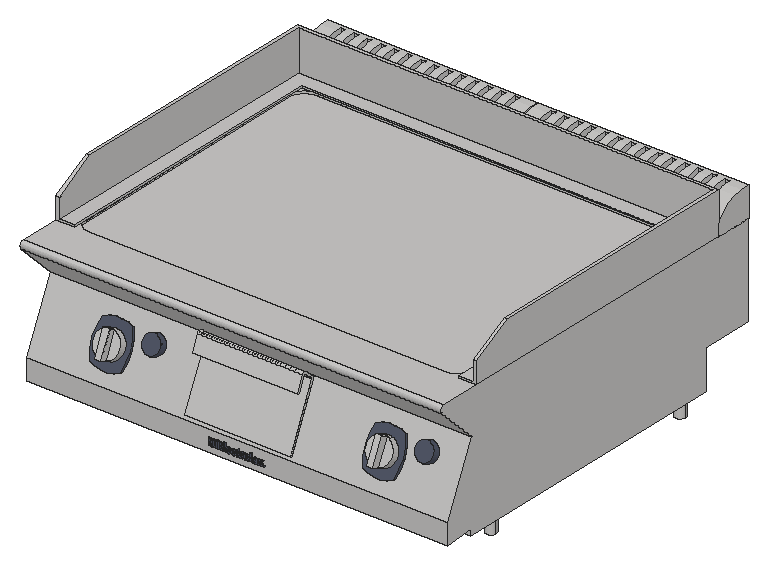
Revit family "QF_ELECTROLUXPROFESSIONAL_371409_E7IIDTAOMEI", category Attrezzature speciali, Revit 2018
Family settings
  Quota connettore circolare = Usa diametro
  Tipo di parte = Normale
  Basato su piano di lavoro = No
  Sempre verticale = Sì
  Taglio con vuoti quando caricato = No
  Condiviso = No
  Punto di calcolo locali = No
Parameters (values of type "Standard")
  Weight = 70.00 kg
  Watts = 0 W
  Volts = 0 V
  URL Manufacturer = "https://www.electroluxprofessional.com/"
  URL = "https://www.electroluxprofessional.com/"
  Steam Supply Size = 0"
  Steam Supply Minimum Pressure = 0.00 psi
  Steam Supply Maximum Pressure = 0.00 psi
  Steam Consumption per Hour = 0
  Show Logo [instance] = yes
  Show Clearance [instance] = yes
  Refrigeration Suction Line Size = 0 mm
  Refrigeration Liquid Line Size = 0 mm
  Refrigerant Compressor Remote = yes
  Phase = 0
  Modello = "E7IIDTAOMEI"
  Produttore = "Electrolux Professional"
  Length Actual = 800 mm  # constant formula
  Item Number = "371409"
  Hot Water Size = 0"
  Height Actual = 250 mm  # constant formula
  HP = "0 HP"
  Gas Size = 1/2"
  Gas KW = 14
  Gas Input Pressure = 0.469158 Btu/h
  Direct Waste Size = 0"
  Descrizione = "GAS FRY TOP-SMOOTH POLISHED CHROME PLATE 800MM - QMARK"
  Depth Actual = 730 mm  # constant formula
  Cycle = 0 Hz
  Condensate Return Size = 0"
  Compressed Air Volume = 0 GPM
  Compressed Air Size = 0"
  Compressed Air Pressure = 0.00 psi
  Cold Water Size = 0"
  Base Height [instance] = 23.813 mm  # constant formula
  Assembly Code = ""
  Accessory = yes
Values of the unnamed type that differ from the named types
  Weight = 0.00 kg
  URL Manufacturer = ""
  Item Number = ""
  HP = ""
  Gas KW = 0
  Gas Input Pressure = 0.0 Btu/h
Reference planes
  plane 1 "BACK": y = 0
  plane 2: z = 0
  plane 3 "LEFT": x = 0
  plane 4 "RIGHT": x = 800.1
  plane 5 "FRONT": y = -730.25
  plane 6 "TOP": z = 288.925
  plane 7 "Center Y": x = 400.05
  plane 8 "Center X": y = -365.125
  plane 9 "BASE": z = 23.813
  plane 10 "TOP A": z = 274.638
  plane 11: y = -597.884
  plane 12: y = -147.637
  plane 13: z = 355
Forms (mm)
  Extrusion 1, solid, material "QF_Finishes_Stainless Steel"
    sketch origin (0, 0, 0) x (0, 1, 0) y (0, 0, 1)
      loop
        line (0, 274.638) -> (-722.901, 274.638)
        arc (-722.901, 274.638) -> (-729.677, 270.11) -> (-728.087, 262.117) r 7.334
        line (-728.087, 262.117) -> (-657.416, 191.447) -> (-713.772, 69.003) -> (-713.772, 30.903) -> (-660.4, 36.513) -> (-660.4, 23.812) -> (-101.6, 23.812) -> (-101.6, 98.425) -> (0, 98.425) -> (0, 274.638)
    from 0 to 800.1
  Extrusion 2, void
    sketch origin (0, -2.381, 274.638) x (-1, 0, 0) y (0, -1, 0)
      loop
        arc (-60.425, 102.504) -> (-42.464, 109.943) -> (-35.025, 127.904) r 25.4
        line (-35.025, 127.904) -> (-35.025, 617.104)
        arc (-35.025, 617.104) -> (-42.464, 635.064) -> (-60.425, 642.504) r 25.4
        line (-60.425, 642.504) -> (-739.675, 642.504)
        arc (-739.675, 642.504) -> (-757.636, 635.064) -> (-765.075, 617.104) r 25.4
        line (-765.075, 617.104) -> (-765.075, 127.904)
        arc (-765.075, 127.904) -> (-757.636, 109.943) -> (-739.675, 102.504) r 25.4
        line (-739.675, 102.504) -> (-60.425, 102.504)
    from 0 to -3.2
  Extrusion 3, solid, material "QF_Finishes_Stainless Steel"
    sketch origin (0, 0, 0) x (1, 0, 0) y (0, 1, 0)
      loop
        circle (11.112, -147.638) r 9.525
      loop
        circle (11.112, -597.884) r 9.525
      loop
        circle (788.987, -147.638) r 9.525
      loop
        circle (788.987, -597.884) r 9.525
    from 0 to 23.813
  Extrusion 4, solid, material "QF_Finishes_Stainless Steel"
    sketch origin (0, -101.6, 101.6) x (0, 0, -1) y (-1, 0, 0)
      loop
        circle (43.882, -749.3) r 6.35
    from 0 to 3.175
  Extrusion 5, solid, material "QF_Finishes_Clearance", visible <- "Show Clearance", detail levels coarse
    sketch origin (0, 0, 0) x (1, 0, 0) y (0, 1, 0)
      loop
        line (0, -730.25) -> (0, 0) -> (800.1, 0) -> (800.1, -730.25) -> (950.119, -730.25) -> (950.119, 150.019) -> (-150.019, 150.019) -> (-150.019, -730.25) -> (0, -730.25)
    from 0 to 355
  Sweep 6, solid, material "QF_Finishes_Stainless Steel"
    path origin (0, -2.381, 274.638) x (-1, 0, 0) y (0, -1, 0)
      loop
        line (-765.075, 642.504) -> (-765.075, 102.504) -> (-35.025, 102.504) -> (-35.025, 642.504)
    profile origin (35.025, -374.885, 274.638) x (1, 0, 0) y (0, 0, 1)
      loop
        line (-35.025, 0) -> (0, 0) -> (0, 3.175) -> (-28.675, 3.175) -> (-28.675, 80.363) -> (-35.025, 80.362) -> (-35.025, 0)
  Extrusion 7, void
    sketch origin (0, -69.86, 274.638) x (0, 1, 0) y (0, 0, 1)
      loop
        line (-575.025, 40.481) -> (-501.995, 80.363) -> (-575.025, 80.363) -> (-575.025, 40.481)
    from 0 to 6.35
  Extrusion 8, void
    sketch origin (800.1, -644.885, 274.638) x (0, -1, 0) y (0, 0, 1)
      loop
        line (0, 40.481) -> (0, 80.362) -> (-73.03, 80.362) -> (0, 40.481)
    from 0 to 6.35
  Extrusion 9, solid, material "QF_Finishes_Stainless Steel"
    sketch origin (400.05, 175.397, 1219.2) x (0, 1, 0) y (0, 0, 1)
      loop
        line (-834.228, -1030.828) -> (-850.635, -1014.422)
        arc (-850.635, -1014.422) -> (-855.102, -1013.019) -> (-858.806, -1015.884) r 5.058
        line (-858.806, -1015.884) -> (-871.468, -1043.394) -> (-868.584, -1044.721) -> (-855.922, -1017.211)
        arc (-855.922, -1017.211) -> (-854.543, -1016.145) -> (-852.88, -1016.667) r 1.883
        line (-852.88, -1016.667) -> (-838.037, -1031.51) -> (-888.871, -1141.955) -> (-885.987, -1143.282) -> (-834.228, -1030.828)
    from 100 to -100
  Extrusion 10, solid, material "QF_Finishes_Drawer Clearance", visible <- "Show Clearance", detail levels coarse
    sketch origin (293.7, -101.6, 0) x (0, 1, 0) y (0, 0, 1)
      loop
        line (-660.751, 174.479) -> (-648.089, 201.989)
        arc (-648.089, 201.989) -> (-646.71, 203.055) -> (-645.046, 202.533) r 1.883
        line (-645.046, 202.533) -> (-630.204, 187.69) -> (-681.037, 77.245) -> (-678.153, 75.918) -> (-608.989, 75.918) -> (-557.231, 188.372) -> (-573.638, 204.778)
        arc (-573.638, 204.778) -> (-574.873, 205.685) -> (-576.323, 206.181) r 5.058
        line (-576.323, 206.181) -> (-647.269, 206.181)
        arc (-647.269, 206.181) -> (-649.472, 205.203) -> (-650.973, 203.316) r 5.058
        line (-650.973, 203.316) -> (-663.635, 175.806) -> (-660.751, 174.479)
    from 6.35 to 206.35
  Extrusion 11, solid, material "QF_Finishes_Navy Blue"
    sketch origin (-399.27, -713.772, 69.003) x (0, 0.418102, 0.9084) y (-1, 0, 0)
      loop
        arc (102.623, -510.47) -> (67.041, -502.846) -> (31.333, -509.853) r 90.5
        arc (31.333, -509.853) -> (24.507, -539.04) -> (31.333, -568.228) r 65.817
        arc (31.333, -568.228) -> (67.04, -575.188) -> (102.623, -567.615) r 91.066
        arc (102.623, -567.615) -> (109.179, -539.043) -> (102.623, -510.47) r 65.546
    from 0 to 3.175
  Extrusion 12, solid, material "QF_Finishes_Stainless Steel"
    sketch origin (-20.52, -717.485, 68.529) x (0, 0.418102, 0.9084) y (-1, 0, 0)
      loop
        circle (68.826, -160.963) r 25.4
    from 0 to 12.7
  Extrusion 13, solid, material "QF_Finishes_Stainless Steel"
    sketch origin (-20.52, -729.022, 73.839) x (0, 0.418102, 0.9084) y (-1, 0, 0)
      loop
        arc (93.558, -166.749) -> (94.226, -160.963) -> (93.558, -155.177) r 25.4
        line (93.558, -155.177) -> (44.094, -155.177)
        arc (44.094, -155.177) -> (43.426, -160.963) -> (44.094, -166.749) r 25.4
        line (44.094, -166.749) -> (93.558, -166.749)
    from 0 to 12.7
  Extrusion 14, solid, material "QF_Finishes_Navy Blue"
    sketch origin (97.744, -713.772, 69.003) x (0, 0.418102, 0.9084) y (-1, 0, 0)
      loop
        arc (102.623, -532.67) -> (67.041, -525.046) -> (31.333, -532.053) r 90.5
        arc (31.333, -532.053) -> (24.507, -561.24) -> (31.333, -590.428) r 65.817
        arc (31.333, -590.428) -> (67.04, -597.388) -> (102.623, -589.815) r 91.066
        arc (102.623, -589.815) -> (109.179, -561.243) -> (102.623, -532.67) r 65.546
    from 0 to 3.175
  Extrusion 15, solid, material "QF_Finishes_Stainless Steel"
    sketch origin (497.744, -717.485, 68.529) x (0, 0.418102, 0.9084) y (-1, 0, 0)
      loop
        circle (68.826, -160.963) r 25.4
    from 0 to 12.7
  Extrusion 16, solid, material "QF_Finishes_Stainless Steel"
    sketch origin (497.744, -729.022, 73.839) x (0, 0.418102, 0.9084) y (-1, 0, 0)
      loop
        arc (93.558, -166.749) -> (94.226, -160.963) -> (93.558, -155.177) r 25.4
        line (93.558, -155.177) -> (44.094, -155.177)
        arc (44.094, -155.177) -> (43.426, -160.963) -> (44.094, -166.749) r 25.4
        line (44.094, -166.749) -> (93.558, -166.749)
    from 0 to 12.7
  Extrusion 17, solid, material "QF_Finishes_Navy Blue"
    sketch origin (-100, -703.319, 91.713) x (0, 0.418102, 0.9084) y (-1, 0, 0)
      loop
        circle (65.471, -315.169) r 17.78
    from 0 to 12.7
  Extrusion 18, solid, material "QF_Finishes_Navy Blue"
    sketch origin (397.014, -703.319, 91.713) x (0, 0.418102, 0.9084) y (-1, 0, 0)
      loop
        circle (65.471, -337.369) r 17.78
    from 0 to 12.7
  Extrusion 19, solid, material "QF_Finishes_Navy Blue", visible <- "Show Logo"
    sketch origin (58.349, -713.772, 35.665) x (0, 0, 1) y (-1, 0, 0)
      loop
        line (20.674, -296.698) -> (8.307, -296.698)
        arc (8.307, -296.698) -> (14.491, -301.27) -> (20.674, -296.698) r 6.467
      loop
        arc (20.674, -296.069) -> (19.505, -290.926) -> (14.849, -288.448) r 6.338
        line (14.849, -288.448) -> (14.849, -290.494)
        arc (14.849, -290.494) -> (16.333, -294.149) -> (19.778, -296.069) r 5.941
        line (19.778, -296.069) -> (20.674, -296.069)
      loop
        arc (9.203, -296.069) -> (12.648, -294.149) -> (14.132, -290.494) r 5.941
        line (14.132, -290.494) -> (14.132, -288.448)
        arc (14.132, -288.448) -> (9.438, -290.922) -> (8.148, -296.069) r 6.504
        line (8.148, -296.069) -> (9.203, -296.069)
      loop
        line (21.349, -287.979) -> (7.604, -287.979) -> (7.604, -301.742) -> (21.349, -301.742) -> (21.349, -287.979)
      loop
        arc (21.432, -304.71) -> (21.085, -304.352) -> (20.718, -304.69) r 0.358
        arc (20.718, -304.69) -> (20.404, -305.44) -> (19.687, -305.825) r 1.216
        line (19.687, -305.825) -> (9.274, -305.825)
        arc (9.274, -305.825) -> (8.614, -305.548) -> (8.218, -304.951) r 1.238
        arc (8.218, -304.951) -> (7.823, -304.7) -> (7.518, -305.054) r 0.358
        line (7.518, -305.054) -> (7.518, -314.933) -> (10.269, -314.933) -> (10.269, -314.036)
        arc (10.269, -314.036) -> (9.36, -313.456) -> (8.904, -312.479) r 1.928
        line (8.904, -312.479) -> (8.904, -309.98)
        arc (8.904, -309.98) -> (9.18, -309.251) -> (9.868, -308.887) r 1.101
        line (9.868, -308.887) -> (13.955, -308.887) -> (13.955, -312.561)
        arc (13.955, -312.561) -> (13.602, -313.058) -> (13.037, -313.286) r 1.083
        arc (13.037, -313.286) -> (12.773, -313.591) -> (13.065, -313.869) r 0.292
        line (13.065, -313.869) -> (16.028, -313.869)
        arc (16.028, -313.869) -> (16.33, -313.596) -> (16.092, -313.266) r 0.305
        arc (16.092, -313.266) -> (15.601, -313.018) -> (15.296, -312.561) r 1.083
        line (15.296, -312.561) -> (15.296, -308.887) -> (19.973, -308.887) -> (19.973, -312.635)
        arc (19.973, -312.635) -> (19.759, -313.39) -> (19.153, -313.888) r 1.314
        arc (19.153, -313.888) -> (18.934, -314.292) -> (19.288, -314.585) r 0.361
        line (19.288, -314.585) -> (21.432, -314.585) -> (21.432, -304.71)
      loop
        arc (20.715, -315.365) -> (20.335, -316.284) -> (19.416, -316.664) r 1.299
        line (19.416, -316.664) -> (9.837, -316.664)
        arc (9.837, -316.664) -> (8.999, -316.286) -> (8.728, -315.408) r 1.118
        line (8.728, -315.408) -> (7.518, -315.408) -> (7.518, -320.758) -> (8.706, -320.758)
        arc (8.706, -320.758) -> (8.978, -319.841) -> (9.848, -319.445) r 1.153
        line (9.848, -319.445) -> (21.92, -319.445) -> (20.715, -315.365)
      loop
        line (12.483, -323.394) -> (12.483, -329.842) -> (13.282, -329.842)
        arc (13.282, -329.842) -> (15.862, -328.857) -> (17.131, -326.404) r 3.874
        line (17.131, -326.404) -> (17.131, -324.643)
        arc (17.131, -324.643) -> (15.944, -321.778) -> (13.08, -320.592) r 4.051
        line (13.08, -320.592) -> (11.072, -320.592)
        arc (11.072, -320.592) -> (8.253, -322.077) -> (7.202, -325.084) r 4.352
        arc (7.202, -325.084) -> (7.566, -327.547) -> (8.943, -329.621) r 5.713
        line (8.943, -329.621) -> (9.892, -329.621)
        arc (9.892, -329.621) -> (9.16, -328.052) -> (8.943, -326.334) r 5.579
        arc (8.943, -326.334) -> (9.737, -324.371) -> (11.616, -323.394) r 3.057
        line (11.616, -323.394) -> (12.483, -323.394)
      loop
        line (13.742, -323.394) -> (13.742, -326.977)
        arc (13.742, -326.977) -> (15.199, -327.024) -> (16.082, -325.864) r 1.59
        line (16.082, -325.864) -> (16.082, -325.034)
        arc (16.082, -325.034) -> (15.217, -323.779) -> (13.742, -323.394) r 2.184
      loop
        arc (16.533, -339.259) -> (17.022, -337.585) -> (17.179, -335.848) r 9.023
        line (17.179, -335.848) -> (17.179, -334.486)
        arc (17.179, -334.486) -> (16.02, -331.686) -> (13.22, -330.527) r 3.959
        line (13.22, -330.527) -> (10.62, -330.527)
        arc (10.62, -330.527) -> (8.338, -331.819) -> (7.221, -334.192) r 4.331
        line (7.221, -334.192) -> (7.221, -336.327)
        arc (7.221, -336.327) -> (7.729, -337.877) -> (8.651, -339.223) r 5.772
        arc (8.651, -339.223) -> (9.412, -339.274) -> (9.499, -338.515) r 0.553
        arc (9.499, -338.515) -> (9.111, -337.781) -> (8.977, -336.962) r 2.573
        line (8.977, -336.962) -> (8.977, -335.447)
        arc (8.977, -335.447) -> (9.983, -333.806) -> (11.798, -333.163) r 2.884
        line (11.798, -333.163) -> (13.077, -333.163)
        arc (13.077, -333.163) -> (14.898, -333.723) -> (15.824, -335.388) r 2.554
        line (15.824, -335.388) -> (15.824, -336.441)
        arc (15.824, -336.441) -> (15.493, -337.369) -> (14.836, -338.104) r 2.564
        arc (14.836, -338.104) -> (14.614, -338.821) -> (15.223, -339.259) r 0.643
        line (15.223, -339.259) -> (16.533, -339.259)
      loop
        line (15.515, -339.53) -> (15.515, -341.031) -> (9.467, -341.031)
        arc (9.467, -341.031) -> (7.879, -341.688) -> (7.221, -343.276) r 2.246
        line (7.221, -343.276) -> (7.221, -344.86)
        arc (7.221, -344.86) -> (7.535, -345.725) -> (8.035, -346.496) r 4.06
        arc (8.035, -346.496) -> (8.768, -346.629) -> (9.019, -345.928) r 0.576
        arc (9.019, -345.928) -> (8.913, -345.403) -> (8.977, -344.87) r 1.69
        arc (8.977, -344.87) -> (9.519, -344.082) -> (10.425, -343.779) r 1.506
        line (10.425, -343.779) -> (15.563, -343.779) -> (15.563, -346.176) -> (16.119, -346.733) -> (16.941, -346.733) -> (16.941, -343.873) -> (20.172, -343.873) -> (15.515, -339.53)
      loop
        line (7.438, -347.63) -> (7.438, -353.017) -> (8.548, -353.017)
        arc (8.548, -353.017) -> (8.942, -352.066) -> (9.893, -351.672) r 1.345
        line (9.893, -351.672) -> (13.509, -351.672)
        arc (13.509, -351.672) -> (14.274, -352.264) -> (14.564, -353.186) r 1.615
        line (14.564, -353.186) -> (14.564, -354.742) -> (17.119, -355.427) -> (17.119, -354.044) -> (15.177, -351.485) -> (17.057, -351.485) -> (16.773, -348.779)
        arc (16.773, -348.779) -> (16.333, -348.249) -> (15.674, -348.45) r 0.621
        arc (15.674, -348.45) -> (15.274, -348.792) -> (14.78, -348.975) r 1.501
        line (14.78, -348.975) -> (9.893, -348.975)
        arc (9.893, -348.975) -> (8.942, -348.581) -> (8.548, -347.63) r 1.345
        line (8.548, -347.63) -> (7.438, -347.63)
      loop
        line (13.54, -354.964) -> (10.848, -354.964)
        arc (10.848, -354.964) -> (8.403, -356.272) -> (7.269, -358.803) r 4.288
        arc (7.269, -358.803) -> (7.205, -360.183) -> (7.269, -361.563) r 15.022
        arc (7.269, -361.563) -> (8.403, -364.094) -> (10.848, -365.401) r 4.288
        line (10.848, -365.401) -> (13.54, -365.401)
        arc (13.54, -365.401) -> (15.986, -364.094) -> (17.119, -361.563) r 4.288
        arc (17.119, -361.563) -> (17.183, -360.183) -> (17.119, -358.803) r 15.022
        arc (17.119, -358.803) -> (15.986, -356.272) -> (13.54, -354.964) r 4.288
      loop
        line (13.745, -358.078) -> (10.643, -358.078)
        arc (10.643, -358.078) -> (8.486, -360.235) -> (10.643, -362.392) r 2.157
        line (10.643, -362.392) -> (13.745, -362.392)
        arc (13.745, -362.392) -> (15.902, -360.235) -> (13.745, -358.078) r 2.157
      loop
        arc (20.726, -365.26) -> (20.355, -366.154) -> (19.461, -366.524) r 1.264
        line (19.461, -366.524) -> (9.597, -366.524)
        arc (9.597, -366.524) -> (8.727, -366.127) -> (8.455, -365.211) r 1.153
        line (8.455, -365.211) -> (7.518, -365.211) -> (7.518, -370.319) -> (8.446, -370.319)
        arc (8.446, -370.319) -> (8.805, -369.547) -> (9.597, -369.232) r 1.153
        line (9.597, -369.232) -> (21.92, -369.232) -> (20.726, -365.26)
      loop
        arc (15.846, -369.857) -> (15.647, -370.921) -> (14.678, -371.403) r 1.215
        line (14.678, -371.403) -> (9.658, -371.403)
        arc (9.658, -371.403) -> (8.043, -372.051) -> (7.322, -373.634) r 2.338
        line (7.322, -373.634) -> (7.322, -375.148)
        arc (7.322, -375.148) -> (7.497, -376.152) -> (7.999, -377.038) r 2.979
        line (7.999, -377.038) -> (7.518, -378.835) -> (7.518, -380.524) -> (16.943, -380.524) -> (16.649, -376.32) -> (15.863, -376.32)
        arc (15.863, -376.32) -> (15.507, -377.156) -> (14.755, -377.665) r 1.605
        line (14.755, -377.665) -> (9.652, -377.665)
        arc (9.652, -377.665) -> (9.232, -376.728) -> (9.159, -375.704) r 2.94
        arc (9.159, -375.704) -> (9.72, -374.603) -> (10.873, -374.16) r 1.724
        line (10.873, -374.16) -> (17.07, -374.16) -> (15.846, -369.857)
      loop
        line (16.874, -381.377) -> (15.202, -383.423) -> (12.028, -385.729) -> (8.572, -382.617)
        arc (8.572, -382.617) -> (8.335, -382.223) -> (8.357, -381.764) r 0.789
        line (8.357, -381.764) -> (7.518, -381.764) -> (7.518, -385.309) -> (8.344, -385.309)
        arc (8.344, -385.309) -> (8.686, -384.947) -> (9.176, -385.039) r 0.52
        line (9.176, -385.039) -> (10.976, -386.51) -> (8.858, -387.886)
        arc (8.858, -387.886) -> (8.457, -387.576) -> (8.37, -387.076) r 0.7
        line (8.37, -387.076) -> (7.518, -387.076) -> (7.518, -393.003) -> (8.405, -393.003)
        arc (8.405, -393.003) -> (8.472, -392.344) -> (8.866, -391.813) r 1.247
        line (8.866, -391.813) -> (13.066, -388.532) -> (15.513, -390.585) -> (16.874, -392.327) -> (16.874, -388.604) -> (15.389, -389.026) -> (13.868, -387.749) -> (15.568, -386.559) -> (16.874, -387.336) -> (16.874, -381.377)
    from 0 to 1.644
  Extrusion 20, solid, material "QF_Finishes_Stainless Steel"
    sketch origin (0, 0, 0) x (0, 1, 0) y (0, 0, 1)
      loop
        line (0, 274.638) -> (0, 331.738)
        arc (0, 331.738) -> (-38.857, 324.552) -> (-69.85, 300.038) r 82.056
        line (-69.85, 300.038) -> (-69.85, 274.638) -> (0, 274.638)
    from 0 to 400.05
  Extrusion 21, void
    sketch origin (0, 0, 274.638) x (0, -1, 0) y (1, 0, 0)
      loop
        line (6.761, 29.703) -> (63.911, 29.703) -> (63.911, 38.999) -> (6.761, 38.999) -> (6.761, 29.703)
      loop
        line (63.911, 64.487) -> (6.761, 64.487) -> (6.761, 55.191) -> (63.911, 55.191) -> (63.911, 64.487)
      loop
        line (63.911, 89.975) -> (6.761, 89.975) -> (6.761, 80.68) -> (63.911, 80.68) -> (63.911, 89.975)
      loop
        line (63.911, 115.464) -> (6.761, 115.464) -> (6.761, 106.168) -> (63.911, 106.168) -> (63.911, 115.464)
      loop
        line (63.911, 140.952) -> (6.761, 140.952) -> (6.761, 131.656) -> (63.911, 131.656) -> (63.911, 140.952)
      loop
        line (63.911, 166.44) -> (6.761, 166.44) -> (6.761, 157.145) -> (63.911, 157.145) -> (63.911, 166.44)
      loop
        line (63.911, 191.929) -> (6.761, 191.929) -> (6.761, 182.633) -> (63.911, 182.633) -> (63.911, 191.929)
      loop
        line (63.911, 217.417) -> (6.761, 217.417) -> (6.761, 208.121) -> (63.911, 208.121) -> (63.911, 217.417)
      loop
        line (63.911, 242.905) -> (6.761, 242.905) -> (6.761, 233.61) -> (63.911, 233.61) -> (63.911, 242.905)
      loop
        line (63.911, 268.394) -> (6.761, 268.394) -> (6.761, 259.098) -> (63.911, 259.098) -> (63.911, 268.394)
      loop
        line (63.911, 293.882) -> (6.761, 293.882) -> (6.761, 284.586) -> (63.911, 284.586) -> (63.911, 293.882)
      loop
        line (63.911, 319.37) -> (6.761, 319.37) -> (6.761, 310.075) -> (63.911, 310.075) -> (63.911, 319.37)
      loop
        line (63.911, 344.859) -> (6.761, 344.859) -> (6.761, 335.563) -> (63.911, 335.563) -> (63.911, 344.859)
      loop
        line (63.911, 370.347) -> (6.761, 370.347) -> (6.761, 361.051) -> (63.911, 361.051) -> (63.911, 370.347)
    from 25.4 to 63.5
  Extrusion 22, solid, material "QF_Finishes_Stainless Steel"
    sketch origin (400.05, 0, 0) x (0, 1, 0) y (0, 0, 1)
      loop
        line (0, 274.638) -> (0, 331.738)
        arc (0, 331.738) -> (-38.857, 324.552) -> (-69.85, 300.038) r 82.056
        line (-69.85, 300.038) -> (-69.85, 274.638) -> (0, 274.638)
    from 0 to 400.05
  Extrusion 23, void
    sketch origin (400.05, 0, 274.638) x (0, -1, 0) y (1, 0, 0)
      loop
        line (6.761, 29.703) -> (63.911, 29.703) -> (63.911, 38.999) -> (6.761, 38.999) -> (6.761, 29.703)
      loop
        line (63.911, 64.487) -> (6.761, 64.487) -> (6.761, 55.191) -> (63.911, 55.191) -> (63.911, 64.487)
      loop
        line (63.911, 89.975) -> (6.761, 89.975) -> (6.761, 80.68) -> (63.911, 80.68) -> (63.911, 89.975)
      loop
        line (63.911, 115.464) -> (6.761, 115.464) -> (6.761, 106.168) -> (63.911, 106.168) -> (63.911, 115.464)
      loop
        line (63.911, 140.952) -> (6.761, 140.952) -> (6.761, 131.656) -> (63.911, 131.656) -> (63.911, 140.952)
      loop
        line (63.911, 166.44) -> (6.761, 166.44) -> (6.761, 157.145) -> (63.911, 157.145) -> (63.911, 166.44)
      loop
        line (63.911, 191.929) -> (6.761, 191.929) -> (6.761, 182.633) -> (63.911, 182.633) -> (63.911, 191.929)
      loop
        line (63.911, 217.417) -> (6.761, 217.417) -> (6.761, 208.121) -> (63.911, 208.121) -> (63.911, 217.417)
      loop
        line (63.911, 242.905) -> (6.761, 242.905) -> (6.761, 233.61) -> (63.911, 233.61) -> (63.911, 242.905)
      loop
        line (63.911, 268.394) -> (6.761, 268.394) -> (6.761, 259.098) -> (63.911, 259.098) -> (63.911, 268.394)
      loop
        line (63.911, 293.882) -> (6.761, 293.882) -> (6.761, 284.586) -> (63.911, 284.586) -> (63.911, 293.882)
      loop
        line (63.911, 319.37) -> (6.761, 319.37) -> (6.761, 310.075) -> (63.911, 310.075) -> (63.911, 319.37)
      loop
        line (63.911, 344.859) -> (6.761, 344.859) -> (6.761, 335.563) -> (63.911, 335.563) -> (63.911, 344.859)
      loop
        line (63.911, 370.347) -> (6.761, 370.347) -> (6.761, 361.051) -> (63.911, 361.051) -> (63.911, 370.347)
    from 25.4 to 63.5
Cuts and joins
  Extrusion 2 cuts Extrusion 1
  Extrusion 7, Extrusion 8 cuts Sweep 6
  Extrusion 21 cuts Extrusion 20
  Extrusion 23 cuts Extrusion 22
Lines and regions (mm)
  symbolic lines, style "QF-Clearances", visible <- "Show Clearance", detail levels coarse
    curve 1: line (-150.019, 150.019, 274.638) -> (-150.019, -730.25, 274.638)
    curve 2: line (950.119, 150.019, 274.638) -> (-150.019, 150.019, 274.638)
    curve 3: line (950.119, -730.25, 274.638) -> (950.119, 150.019, 274.638)
  symbolic lines
    curve 4: line (0, -730.25, 274.638) -> (0, 0, 274.638)
    curve 5: line (800.1, 0, 274.638) -> (800.1, -730.25, 274.638)
    curve 6: line (35.042, -104.885, 274.638) -> (35.042, -644.885, 274.638)
    curve 7: arc (35.042, -619.427, 274.638) -> (42.472, -637.366, 274.638) -> (60.411, -644.796, 274.638) r 25.37
    curve 8: line (0, -644.885, 274.638) -> (35.042, -644.885, 274.638)
    curve 9: arc (739.117, -644.796, 274.638) -> (757.472, -637.193, 274.638) -> (765.075, -618.839, 274.638) r 25.958
    curve 10: line (765.075, -644.885, 274.638) -> (765.075, -104.885, 274.638)
    curve 11: line (765.075, -104.885, 274.638) -> (35.042, -104.885, 274.638)
    curve 12: line (0, -69.85, 274.638) -> (800.1, -69.85, 274.638)
    curve 13: line (800.1, -730.25, 274.638) -> (0, -730.25, 274.638)
    curve 14: arc (64.136, -104.885, 274.638) -> (43.563, -113.406, 274.638) -> (35.042, -133.979, 274.638) r 29.094
    curve 15: arc (739.672, -104.885, 274.638) -> (757.635, -112.325, 274.638) -> (765.075, -130.288, 274.638) r 25.403
    curve 16: line (6.35, -76.21, 274.638) -> (6.35, -644.885, 274.638)
    curve 17: line (6.35, -76.21, 274.638) -> (793.75, -76.21, 274.638)
    curve 18: line (793.75, -76.21, 274.638) -> (793.75, -644.885, 274.638)
    curve 19: line (765.075, -644.885, 274.638) -> (800.1, -644.885, 274.638)
    curve 20: line (60.411, -644.796, 274.638) -> (739.117, -644.796, 274.638)
    curve 24: line (0, 0, 274.638) -> (800.1, 0, 274.638)
    curve 25: line (0, -69.85, 274.638) -> (800.1, -69.85, 274.638)
    curve 26: line (0, 0, 274.638) -> (800.1, 0, 274.638)
    curve 27: line (29.703, -6.761, 0) -> (38.999, -6.761, 0)
    curve 28: line (29.703, -63.911, 0) -> (29.703, -6.761, 0)
    curve 29: line (38.999, -63.911, 0) -> (29.703, -63.911, 0)
    curve 30: line (38.999, -6.761, 0) -> (38.999, -63.911, 0)
    curve 31: line (55.191, -6.761, 0) -> (64.487, -6.761, 0)
    curve 32: line (55.191, -63.911, 0) -> (55.191, -6.761, 0)
    curve 33: line (64.487, -63.911, 0) -> (55.191, -63.911, 0)
    curve 34: line (64.487, -6.761, 0) -> (64.487, -63.911, 0)
    curve 35: line (80.68, -6.761, 0) -> (89.975, -6.761, 0)
    curve 36: line (80.68, -63.911, 0) -> (80.68, -6.761, 0)
    curve 37: line (89.975, -63.911, 0) -> (80.68, -63.911, 0)
    curve 38: line (89.975, -6.761, 0) -> (89.975, -63.911, 0)
    curve 39: line (106.168, -6.761, 0) -> (115.464, -6.761, 0)
    curve 40: line (106.168, -63.911, 0) -> (106.168, -6.761, 0)
    curve 41: line (115.464, -63.911, 0) -> (106.168, -63.911, 0)
    curve 42: line (115.464, -6.761, 0) -> (115.464, -63.911, 0)
    curve 43: line (131.656, -6.761, 0) -> (140.952, -6.761, 0)
    curve 44: line (131.656, -63.911, 0) -> (131.656, -6.761, 0)
    curve 45: line (140.952, -63.911, 0) -> (131.656, -63.911, 0)
    curve 46: line (140.952, -6.761, 0) -> (140.952, -63.911, 0)
    curve 47: line (157.145, -6.761, 0) -> (166.44, -6.761, 0)
    curve 48: line (157.145, -63.911, 0) -> (157.145, -6.761, 0)
    curve 49: line (166.44, -63.911, 0) -> (157.145, -63.911, 0)
    curve 50: line (166.44, -6.761, 0) -> (166.44, -63.911, 0)
    curve 51: line (182.633, -6.761, 0) -> (191.929, -6.761, 0)
    curve 52: line (182.633, -63.911, 0) -> (182.633, -6.761, 0)
    curve 53: line (191.929, -63.911, 0) -> (182.633, -63.911, 0)
    curve 54: line (191.929, -6.761, 0) -> (191.929, -63.911, 0)
    curve 55: line (208.121, -6.761, 0) -> (217.417, -6.761, 0)
    curve 56: line (208.121, -63.911, 0) -> (208.121, -6.761, 0)
    curve 57: line (217.417, -63.911, 0) -> (208.121, -63.911, 0)
    curve 58: line (217.417, -6.761, 0) -> (217.417, -63.911, 0)
    curve 59: line (233.61, -6.761, 0) -> (242.905, -6.761, 0)
    curve 60: line (233.61, -63.911, 0) -> (233.61, -6.761, 0)
    curve 61: line (242.905, -63.911, 0) -> (233.61, -63.911, 0)
    curve 62: line (242.905, -6.761, 0) -> (242.905, -63.911, 0)
    curve 63: line (259.098, -6.761, 0) -> (268.394, -6.761, 0)
    curve 64: line (259.098, -63.911, 0) -> (259.098, -6.761, 0)
    curve 65: line (268.394, -63.911, 0) -> (259.098, -63.911, 0)
    curve 66: line (268.394, -6.761, 0) -> (268.394, -63.911, 0)
    curve 67: line (284.586, -6.761, 0) -> (293.882, -6.761, 0)
    curve 68: line (284.586, -63.911, 0) -> (284.586, -6.761, 0)
    curve 69: line (293.882, -63.911, 0) -> (284.586, -63.911, 0)
    curve 70: line (293.882, -6.761, 0) -> (293.882, -63.911, 0)
    curve 71: line (310.075, -6.761, 0) -> (319.37, -6.761, 0)
    curve 72: line (310.075, -63.911, 0) -> (310.075, -6.761, 0)
    curve 73: line (319.37, -63.911, 0) -> (310.075, -63.911, 0)
    curve 74: line (319.37, -6.761, 0) -> (319.37, -63.911, 0)
    curve 75: line (335.563, -6.761, 0) -> (344.859, -6.761, 0)
    curve 76: line (335.563, -63.911, 0) -> (335.563, -6.761, 0)
    curve 77: line (344.859, -63.911, 0) -> (335.563, -63.911, 0)
    curve 78: line (344.859, -6.761, 0) -> (344.859, -63.911, 0)
    curve 79: line (361.051, -6.761, 0) -> (370.347, -6.761, 0)
    curve 80: line (361.051, -63.911, 0) -> (361.051, -6.761, 0)
    curve 81: line (370.347, -63.911, 0) -> (361.051, -63.911, 0)
    curve 82: line (370.347, -6.761, 0) -> (370.347, -63.911, 0)
    curve 83: line (400.05, 0, 0) -> (400.05, -69.85, 0)
    curve 84: line (770.397, -6.761, 0) -> (761.101, -6.761, 0)
    curve 85: line (770.397, -63.911, 0) -> (770.397, -6.761, 0)
    curve 86: line (761.101, -63.911, 0) -> (770.397, -63.911, 0)
    curve 87: line (761.101, -6.761, 0) -> (761.101, -63.911, 0)
    curve 88: line (744.909, -6.761, 0) -> (735.613, -6.761, 0)
    curve 89: line (744.909, -63.911, 0) -> (744.909, -6.761, 0)
    curve 90: line (735.613, -63.911, 0) -> (744.909, -63.911, 0)
    curve 91: line (735.613, -6.761, 0) -> (735.613, -63.911, 0)
    curve 92: line (719.42, -6.761, 0) -> (710.125, -6.761, 0)
    curve 93: line (719.42, -63.911, 0) -> (719.42, -6.761, 0)
    curve 94: line (710.125, -63.911, 0) -> (719.42, -63.911, 0)
    curve 95: line (710.125, -6.761, 0) -> (710.125, -63.911, 0)
    curve 96: line (693.932, -6.761, 0) -> (684.636, -6.761, 0)
    curve 97: line (693.932, -63.911, 0) -> (693.932, -6.761, 0)
    curve 98: line (684.636, -63.911, 0) -> (693.932, -63.911, 0)
    curve 99: line (684.636, -6.761, 0) -> (684.636, -63.911, 0)
    curve 100: line (668.444, -6.761, 0) -> (659.148, -6.761, 0)
    curve 101: line (668.444, -63.911, 0) -> (668.444, -6.761, 0)
    curve 102: line (659.148, -63.911, 0) -> (668.444, -63.911, 0)
    curve 103: line (659.148, -6.761, 0) -> (659.148, -63.911, 0)
    curve 104: line (642.955, -6.761, 0) -> (633.66, -6.761, 0)
    curve 105: line (642.955, -63.911, 0) -> (642.955, -6.761, 0)
    curve 106: line (633.66, -63.911, 0) -> (642.955, -63.911, 0)
    curve 107: line (633.66, -6.761, 0) -> (633.66, -63.911, 0)
    curve 108: line (617.467, -6.761, 0) -> (608.171, -6.761, 0)
    curve 109: line (617.467, -63.911, 0) -> (617.467, -6.761, 0)
    curve 110: line (608.171, -63.911, 0) -> (617.467, -63.911, 0)
    curve 111: line (608.171, -6.761, 0) -> (608.171, -63.911, 0)
    curve 112: line (591.979, -6.761, 0) -> (582.683, -6.761, 0)
    curve 113: line (591.979, -63.911, 0) -> (591.979, -6.761, 0)
    curve 114: line (582.683, -63.911, 0) -> (591.979, -63.911, 0)
    curve 115: line (582.683, -6.761, 0) -> (582.683, -63.911, 0)
    curve 116: line (566.49, -6.761, 0) -> (557.195, -6.761, 0)
    curve 117: line (566.49, -63.911, 0) -> (566.49, -6.761, 0)
    curve 118: line (557.195, -63.911, 0) -> (566.49, -63.911, 0)
    curve 119: line (557.195, -6.761, 0) -> (557.195, -63.911, 0)
    curve 120: line (541.002, -6.761, 0) -> (531.706, -6.761, 0)
    curve 121: line (541.002, -63.911, 0) -> (541.002, -6.761, 0)
    curve 122: line (531.706, -63.911, 0) -> (541.002, -63.911, 0)
    curve 123: line (531.706, -6.761, 0) -> (531.706, -63.911, 0)
    curve 124: line (515.514, -6.761, 0) -> (506.218, -6.761, 0)
    curve 125: line (515.514, -63.911, 0) -> (515.514, -6.761, 0)
    curve 126: line (506.218, -63.911, 0) -> (515.514, -63.911, 0)
    curve 127: line (506.218, -6.761, 0) -> (506.218, -63.911, 0)
    curve 128: line (490.025, -6.761, 0) -> (480.73, -6.761, 0)
    curve 129: line (490.025, -63.911, 0) -> (490.025, -6.761, 0)
    curve 130: line (480.73, -63.911, 0) -> (490.025, -63.911, 0)
    curve 131: line (480.73, -6.761, 0) -> (480.73, -63.911, 0)
    curve 132: line (464.537, -6.761, 0) -> (455.241, -6.761, 0)
    curve 133: line (464.537, -63.911, 0) -> (464.537, -6.761, 0)
    curve 134: line (455.241, -63.911, 0) -> (464.537, -63.911, 0)
    curve 135: line (455.241, -6.761, 0) -> (455.241, -63.911, 0)
    curve 136: line (439.049, -6.761, 0) -> (429.753, -6.761, 0)
    curve 137: line (439.049, -63.911, 0) -> (439.049, -6.761, 0)
    curve 138: line (429.753, -63.911, 0) -> (439.049, -63.911, 0)
    curve 139: line (429.753, -6.761, 0) -> (429.753, -63.911, 0)
  symbolic lines, style "QF_Drawer Clearance"
    curve 21: line (300.05, -782.637, 0) -> (300.05, -730.25, 0)
    curve 22: line (300.05, -782.637, 0) -> (500.05, -782.637, 0)
    curve 23: line (500.05, -782.637, 0) -> (500.05, -730.25, 0)
Dimensions and locks
  equal spacing: plane 3 "LEFT", plane 7 "Center Y", plane 4 "RIGHT"
  plane 3 "LEFT" to plane 4 "RIGHT" = 800.1 mm
  equal spacing: plane 5 "FRONT", plane 8 "Center X", plane 1 "BACK"
  plane 5 "FRONT" to plane 1 "BACK" = 730.25 mm
  plane 1 "BACK" to plane 5 "FRONT" = 730.25 mm
  "Base Height": plane 9 "BASE" to level
  locked: plane 10 "TOP A" to plane 9 "BASE" at 250.825
  plane 4 "RIGHT" to Extrusion 4 sketch curve = 50.8 mm
  Sweep 6 sketch curve to level = 355 mm
  plane 10 "TOP A" to plane 9 "BASE" = 250.825 mm
  plane 9 "BASE" to level = 23.813 mm
  plane 9 "BASE" to cut or joined group of Extrusion 1, Extrusion 2 = 74.612 mm
  plane 13 to level = 355 mm
  aligned and locked: level to plane 2
  aligned and locked: plane 4 "RIGHT" to Extrusion 1
  aligned and locked: Extrusion 3 to plane 9 "BASE"
  aligned: plane 6 "TOP" to Extrusion 5
Automatic sketch dimensions
  Extrusion 2 sketch curve to plane 4 "RIGHT" = 35.025 mm
  Extrusion 2 sketch curve to Extrusion 2 sketch curve = 25.4 mm  (x3)
  Extrusion 2 sketch curve to plane 12 = 17.353 mm
  plane 3 "LEFT" to Extrusion 2 sketch curve = 60.425 mm  (x2)
  plane 11 to Extrusion 2 sketch curve = 21.6 mm
  plane 11 to Extrusion 3 sketch curve = 0 mm  (x2)
  plane 12 to Extrusion 3 sketch curve = 0 mm  (x2)
  plane 3 "LEFT" to Extrusion 3 sketch curve = 11.112 mm  (x2)
  Extrusion 3 sketch curve to plane 4 "RIGHT" = 11.113 mm  (x2)
  Extrusion 1 to Extrusion 4 sketch curve = 33.906 mm
  plane 1 "BACK" to Extrusion 5 sketch curve = 0 mm
  Extrusion 5 sketch curve to plane 3 "LEFT" = 0 mm
  Extrusion 5 sketch curve to plane 4 "RIGHT" = 0 mm
  Extrusion 5 sketch curve to plane 3 "LEFT" = 150.019 mm
  plane 5 "FRONT" to Extrusion 5 sketch curve = 0 mm  (x2)
  plane 4 "RIGHT" to Extrusion 5 sketch curve = 150.019 mm
  Extrusion 5 sketch curve to plane 1 "BACK" = 150.019 mm
  curve 19 to plane 4 "RIGHT" = 0 mm
  curve 13 to plane 3 "LEFT" = 0 mm
  plane 1 "BACK" to curve 4 = 0 mm
  plane 4 "RIGHT" to curve 3 = 150.019 mm
  curve 18 to plane 4 "RIGHT" = 6.35 mm
  curve 18 to curve 19 = 28.675 mm
  curve 10 to curve 15 = 25.403 mm
  curve 10 to curve 20 = 25.958 mm
  curve 20 to curve 8 = 60.411 mm
  curve 14 to plane 12 = 13.658 mm
  curve 14 to curve 14 = 29.094 mm
  curve 16 to curve 8 = 6.35 mm
  plane 5 "FRONT" to curve 1 = 0 mm
  curve 1 to plane 3 "LEFT" = 150.019 mm
  curve 2 to plane 1 "BACK" = 150.019 mm
  curve 12 to curve 17 = 6.36 mm
  plane 11 to curve 9 = 20.954 mm
  curve 9 to curve 19 = 26.046 mm
  curve 7 to curve 16 = 25.458 mm
  curve 5 to plane 5 "FRONT" = 0 mm
  plane 5 "FRONT" to curve 3 = 0 mm
  Sweep 6 sketch curve to plane 4 "RIGHT" = 35.025 mm
  plane 3 "LEFT" to Sweep 6 sketch curve = 35.025 mm
  Sweep 6 sketch curve to plane 12 = 42.753 mm
  plane 11 to Sweep 6 sketch curve = 47 mm  (x2)
  Sweep 6 sketch curve to plane 10 "TOP A" = 0 mm
  profile plane to Sweep 6 sketch curve = 0 mm
  profile plane to Sweep 6 sketch curve = 28.675 mm
  Sweep 6 sketch curve to Sweep 6 sketch curve = 6.35 mm
  plane 10 "TOP A" to Sweep 6 sketch curve = 3.175 mm
  Extrusion 7 sketch curve to Sweep 6 = 0 mm  (x2)
  Extrusion 7 sketch curve to Sweep 6 = 73.03 mm
  Extrusion 7 sketch curve to Extrusion 7 sketch curve = 39.881 mm
  Sweep 6 to Extrusion 8 sketch curve = 0 mm
  Extrusion 8 sketch curve to Sweep 6 = 0 mm
  Extrusion 8 sketch curve to Sweep 6 = 73.03 mm
  Extrusion 8 sketch curve to Extrusion 8 sketch curve = 39.881 mm
  Extrusion 9 sketch curve to Extrusion 9 sketch curve = 0 mm  (x2)
  Extrusion 9 sketch curve to plane 5 "FRONT" = 16.776 mm
  Extrusion 9 sketch curve to Extrusion 9 sketch curve = 2.884 mm  (x3)
  Extrusion 9 sketch curve to plane 5 "FRONT" = 34.179 mm
  Extrusion 9 sketch curve to Extrusion 9 sketch curve = 12.662 mm
  Extrusion 9 sketch curve to Extrusion 9 sketch curve = 1.711 mm
  Extrusion 9 sketch curve to Extrusion 9 sketch curve = 1.332 mm
  Extrusion 9 sketch curve to Extrusion 9 sketch curve = 2.245 mm
  Extrusion 9 sketch curve to Extrusion 9 sketch curve = 14.843 mm
  Extrusion 9 sketch curve to Extrusion 9 sketch curve = 3.809 mm
  plane 9 "BASE" to Extrusion 9 sketch curve = 52.105 mm
  Extrusion 9 sketch curve to Extrusion 9 sketch curve = 1.327 mm  (x2)
  Extrusion 9 sketch curve to Extrusion 9 sketch curve = 13.211 mm
  Extrusion 9 sketch curve to Extrusion 9 sketch curve = 0.787 mm
  Extrusion 10 sketch curve to Extrusion 10 sketch curve = 0 mm  (x2)
  plane 5 "FRONT" to Extrusion 10 sketch curve = 52.387 mm
  Extrusion 10 sketch curve to Extrusion 10 sketch curve = 2.884 mm  (x3)
  plane 5 "FRONT" to Extrusion 10 sketch curve = 34.985 mm
  plane 5 "FRONT" to Extrusion 10 sketch curve = 22.323 mm
  Extrusion 10 sketch curve to Extrusion 10 sketch curve = 0.82 mm
  Extrusion 10 sketch curve to Extrusion 10 sketch curve = 1.711 mm
  Extrusion 10 sketch curve to Extrusion 10 sketch curve = 1.332 mm
  plane 5 "FRONT" to Extrusion 10 sketch curve = 1.554 mm
  Extrusion 10 sketch curve to plane 5 "FRONT" = 19.661 mm
  Extrusion 10 sketch curve to plane 5 "FRONT" = 51.436 mm
  Extrusion 10 sketch curve to Extrusion 10 sketch curve = 0.891 mm
  Extrusion 10 sketch curve to Extrusion 10 sketch curve = 2.686 mm
  Extrusion 10 sketch curve to Extrusion 10 sketch curve = 16.406 mm
  plane 9 "BASE" to Extrusion 10 sketch curve = 52.105 mm
  Extrusion 10 sketch curve to Extrusion 10 sketch curve = 1.327 mm  (x2)
  Extrusion 10 sketch curve to Extrusion 10 sketch curve = 13.211 mm
  Extrusion 10 sketch curve to Extrusion 10 sketch curve = 0.681 mm
  Extrusion 10 sketch curve to Extrusion 10 sketch curve = 0.787 mm
  Extrusion 10 sketch curve to Extrusion 10 sketch curve = 4.979 mm
  plane 3 "LEFT" to Extrusion 11 sketch curve = 110.583 mm
  Extrusion 11 sketch curve to Extrusion 11 sketch curve = 0 mm
  Extrusion 11 sketch curve to Extrusion 11 sketch curve = 12.3 mm  (x3)
  Extrusion 11 sketch curve to Extrusion 11 sketch curve = 34.925 mm  (x2)
  Extrusion 11 sketch curve to Extrusion 11 sketch curve = 46.691 mm
  Extrusion 11 sketch curve to Extrusion 11 sketch curve = 0.617 mm
  Extrusion 11 sketch curve to Extrusion 11 sketch curve = 28.57 mm
  Extrusion 11 sketch curve to Extrusion 11 sketch curve = 29.185 mm
  Extrusion 13 sketch curve to Extrusion 13 sketch curve = 24.732 mm
  Extrusion 13 sketch curve to Extrusion 13 sketch curve = 0 mm
  Extrusion 14 sketch curve to plane 4 "RIGHT" = 170.304 mm
  Extrusion 14 sketch curve to Extrusion 14 sketch curve = 0 mm
  Extrusion 14 sketch curve to Extrusion 14 sketch curve = 12.3 mm  (x3)
  Extrusion 14 sketch curve to Extrusion 14 sketch curve = 34.925 mm  (x2)
  Extrusion 14 sketch curve to Extrusion 14 sketch curve = 46.691 mm
  Extrusion 14 sketch curve to Extrusion 14 sketch curve = 0.617 mm
  Extrusion 14 sketch curve to Extrusion 14 sketch curve = 28.57 mm
  Extrusion 14 sketch curve to Extrusion 14 sketch curve = 29.185 mm
  Extrusion 16 sketch curve to Extrusion 16 sketch curve = 24.732 mm
  Extrusion 16 sketch curve to Extrusion 16 sketch curve = 0 mm
  Extrusion 1 to Extrusion 17 sketch curve = 44.319 mm
  Extrusion 1 to Extrusion 17 sketch curve = 215.169 mm
  Extrusion 1 to Extrusion 18 sketch curve = 44.319 mm
  Extrusion 1 to Extrusion 18 sketch curve = 65.717 mm
  Extrusion 1 sketch curve to plane 10 "TOP A" = 0 mm
  Extrusion 1 sketch curve to plane 9 "BASE" = 0 mm
  Extrusion 1 sketch curve to plane 1 "BACK" = 0 mm
  Extrusion 1 sketch curve to plane 12 = 46.038 mm
  plane 11 to Extrusion 1 sketch curve = 59.531 mm
  plane 9 "BASE" to Extrusion 1 sketch curve = 12.7 mm
  plane 11 to Extrusion 1 sketch curve = 62.516 mm
  Extrusion 1 sketch curve to plane 5 "FRONT" = 16.478 mm
  Extrusion 1 sketch curve to plane 5 "FRONT" = 7.349 mm
  Extrusion 1 sketch curve to plane 5 "FRONT" = 2.163 mm
  plane 9 "BASE" to Extrusion 1 sketch curve = 7.09 mm
  Extrusion 1 sketch curve to Extrusion 1 sketch curve = 38.1 mm
  plane 9 "BASE" to Extrusion 1 sketch curve = 74.612 mm
  Extrusion 1 sketch curve to plane 10 "TOP A" = 83.191 mm
  Extrusion 1 sketch curve to plane 10 "TOP A" = 12.52 mm
  plane 5 "FRONT" to curve 21 = 0 mm
  plane 5 "FRONT" to curve 23 = 0 mm
  curve 21 to plane 7 "Center Y" = 100 mm
  plane 7 "Center Y" to curve 23 = 100 mm
  plane 5 "FRONT" to curve 21 = 52.387 mm
  plane 7 "Center Y" to Extrusion 19 sketch curve = 18.482 mm
  plane 9 "BASE" to Extrusion 19 sketch curve = 14.013 mm
  plane 9 "BASE" to Extrusion 19 sketch curve = 19.054 mm
  plane 7 "Center Y" to Extrusion 19 sketch curve = 3.159 mm
  Extrusion 19 sketch curve to Extrusion 19 sketch curve = 5.06 mm
  Extrusion 19 sketch curve to Extrusion 19 sketch curve = 0 mm  (x28)
  Extrusion 19 sketch curve to Extrusion 19 sketch curve = 5.108 mm  (x2)
  Extrusion 19 sketch curve to Extrusion 19 sketch curve = 0.054 mm
  Extrusion 19 sketch curve to Extrusion 19 sketch curve = 0.218 mm
  Extrusion 19 sketch curve to Extrusion 19 sketch curve = 0.195 mm
  Extrusion 19 sketch curve to Extrusion 19 sketch curve = 0.249 mm
  plane 9 "BASE" to Extrusion 19 sketch curve = 19.371 mm
  Extrusion 19 sketch curve to Extrusion 19 sketch curve = 0.087 mm
  Extrusion 19 sketch curve to Extrusion 19 sketch curve = 0.358 mm
  Extrusion 19 sketch curve to Extrusion 19 sketch curve = 0.481 mm
  Extrusion 19 sketch curve to Extrusion 19 sketch curve = 0.597 mm
  Extrusion 19 sketch curve to Extrusion 19 sketch curve = 0.544 mm
  Extrusion 19 sketch curve to Extrusion 19 sketch curve = 0.936 mm
  Extrusion 19 sketch curve to Extrusion 19 sketch curve = 0.594 mm
  Extrusion 19 sketch curve to Extrusion 19 sketch curve = 0.343 mm
  Extrusion 19 sketch curve to Extrusion 19 sketch curve = 0.159 mm
  Extrusion 19 sketch curve to Extrusion 19 sketch curve = 0.826 mm
  Extrusion 19 sketch curve to Extrusion 19 sketch curve = 0.839 mm
  Extrusion 19 sketch curve to Extrusion 19 sketch curve = 0.852 mm
  Extrusion 19 sketch curve to Extrusion 19 sketch curve = 0.887 mm
  Extrusion 19 sketch curve to Extrusion 19 sketch curve = 0.928 mm
  Extrusion 19 sketch curve to Extrusion 19 sketch curve = 0.938 mm
  Extrusion 19 sketch curve to Extrusion 19 sketch curve = 0.444 mm
  Extrusion 19 sketch curve to Extrusion 19 sketch curve = 1.11 mm  (x3)
  plane 7 "Center Y" to Extrusion 19 sketch curve = 11.316 mm
  Extrusion 19 sketch curve to Extrusion 19 sketch curve = 0.215 mm
  Extrusion 19 sketch curve to Extrusion 19 sketch curve = 1.43 mm
  Extrusion 19 sketch curve to Extrusion 19 sketch curve = 1.188 mm
  Extrusion 19 sketch curve to Extrusion 19 sketch curve = 1.21 mm  (x2)
  Extrusion 19 sketch curve to Extrusion 19 sketch curve = 0.503 mm
  Extrusion 19 sketch curve to Extrusion 19 sketch curve = 0.488 mm
  Extrusion 19 sketch curve to Extrusion 19 sketch curve = 0.462 mm
  Extrusion 19 sketch curve to Extrusion 19 sketch curve = 1.386 mm
  Extrusion 19 sketch curve to Extrusion 19 sketch curve = 1.742 mm  (x2)
  Extrusion 19 sketch curve to Extrusion 19 sketch curve = 0.821 mm
  Extrusion 19 sketch curve to Extrusion 19 sketch curve = 0.497 mm
  Extrusion 19 sketch curve to Extrusion 19 sketch curve = 0.539 mm
  Extrusion 19 sketch curve to Extrusion 19 sketch curve = 0.686 mm
  Extrusion 19 sketch curve to Extrusion 19 sketch curve = 0.408 mm
  Extrusion 19 sketch curve to Extrusion 19 sketch curve = 0.743 mm
  Extrusion 19 sketch curve to Extrusion 19 sketch curve = 1.16 mm
  Extrusion 19 sketch curve to Extrusion 19 sketch curve = 0.329 mm
  Extrusion 19 sketch curve to Extrusion 19 sketch curve = 1.054 mm
  Extrusion 19 sketch curve to Extrusion 19 sketch curve = 1.056 mm
  Extrusion 19 sketch curve to Extrusion 19 sketch curve = 0.129 mm
  Extrusion 19 sketch curve to Extrusion 19 sketch curve = 0.489 mm
  Extrusion 19 sketch curve to Extrusion 19 sketch curve = 0.441 mm
  Extrusion 19 sketch curve to Extrusion 19 sketch curve = 1.151 mm
  Extrusion 19 sketch curve to Extrusion 19 sketch curve = 1.141 mm  (x2)
  Extrusion 19 sketch curve to Extrusion 19 sketch curve = 0.768 mm
  Extrusion 19 sketch curve to Extrusion 19 sketch curve = 1.653 mm
  Extrusion 19 sketch curve to Extrusion 19 sketch curve = 0.499 mm
  Extrusion 19 sketch curve to Extrusion 19 sketch curve = 0.964 mm
  Extrusion 19 sketch curve to Extrusion 19 sketch curve = 0.949 mm
  Extrusion 19 sketch curve to Extrusion 19 sketch curve = 1.345 mm  (x2)
  Extrusion 19 sketch curve to Extrusion 19 sketch curve = 1.101 mm
  Extrusion 19 sketch curve to Extrusion 19 sketch curve = 0.432 mm
  Extrusion 19 sketch curve to Extrusion 19 sketch curve = 1.142 mm
  Extrusion 19 sketch curve to Extrusion 19 sketch curve = 0.959 mm
  Extrusion 19 sketch curve to Extrusion 19 sketch curve = 0.176 mm
  Extrusion 19 sketch curve to Extrusion 19 sketch curve = 0.728 mm
  Extrusion 19 sketch curve to Extrusion 19 sketch curve = 3.375 mm  (x2)
  Extrusion 19 sketch curve to Extrusion 19 sketch curve = 0.541 mm
  Extrusion 19 sketch curve to Extrusion 19 sketch curve = 0.955 mm
  Extrusion 19 sketch curve to Extrusion 19 sketch curve = 1.251 mm
  Extrusion 19 sketch curve to Extrusion 19 sketch curve = 0.572 mm
  Extrusion 19 sketch curve to Extrusion 19 sketch curve = 1.92 mm
  Extrusion 19 sketch curve to Extrusion 19 sketch curve = 1.224 mm
  Extrusion 19 sketch curve to Extrusion 19 sketch curve = 0.745 mm
  Extrusion 19 sketch curve to Extrusion 19 sketch curve = 2.537 mm
  Extrusion 19 sketch curve to Extrusion 19 sketch curve = 0.896 mm  (x3)
  Extrusion 19 sketch curve to Extrusion 19 sketch curve = 0.036 mm
  Extrusion 19 sketch curve to Extrusion 19 sketch curve = 2.607 mm
  Extrusion 19 sketch curve to Extrusion 19 sketch curve = 0.066 mm
  Extrusion 19 sketch curve to Extrusion 19 sketch curve = 0.248 mm
  Extrusion 19 sketch curve to Extrusion 19 sketch curve = 0.449 mm
  Extrusion 19 sketch curve to Extrusion 19 sketch curve = 1.052 mm
  Extrusion 19 sketch curve to Extrusion 19 sketch curve = 1.863 mm
  Extrusion 19 sketch curve to Extrusion 19 sketch curve = 1.31 mm  (x2)
  Extrusion 19 sketch curve to Extrusion 19 sketch curve = 0.901 mm
  Extrusion 19 sketch curve to Extrusion 19 sketch curve = 1.107 mm
  Extrusion 19 sketch curve to Extrusion 19 sketch curve = 2.122 mm
  plane 7 "Center Y" to Extrusion 19 sketch curve = 11.485 mm
  Extrusion 19 sketch curve to Extrusion 19 sketch curve = 2.101 mm
  Extrusion 19 sketch curve to Extrusion 19 sketch curve = 0.106 mm
  Extrusion 19 sketch curve to Extrusion 19 sketch curve = 0.029 mm
  Extrusion 19 sketch curve to Extrusion 19 sketch curve = 2.09 mm
  Extrusion 19 sketch curve to Extrusion 19 sketch curve = 1.279 mm
  Extrusion 19 sketch curve to Extrusion 19 sketch curve = 2.008 mm
  Extrusion 19 sketch curve to Extrusion 19 sketch curve = 0.738 mm
  Extrusion 19 sketch curve to Extrusion 19 sketch curve = 0.382 mm
  Extrusion 19 sketch curve to Extrusion 19 sketch curve = 0.384 mm
  Extrusion 19 sketch curve to Extrusion 19 sketch curve = 0.002 mm
  Extrusion 19 sketch curve to Extrusion 19 sketch curve = 0.561 mm
  Extrusion 19 sketch curve to Extrusion 19 sketch curve = 1.023 mm
  Extrusion 19 sketch curve to Extrusion 19 sketch curve = 2.692 mm
  Extrusion 19 sketch curve to Extrusion 19 sketch curve = 1.259 mm
  Extrusion 19 sketch curve to Extrusion 19 sketch curve = 0.802 mm
  Extrusion 19 sketch curve to Extrusion 19 sketch curve = 1.024 mm
  Extrusion 19 sketch curve to Extrusion 19 sketch curve = 0.682 mm
  Extrusion 19 sketch curve to Extrusion 19 sketch curve = 5.934 mm
  Extrusion 19 sketch curve to Extrusion 19 sketch curve = 2.186 mm
  Extrusion 19 sketch curve to Extrusion 19 sketch curve = 0.337 mm
  Extrusion 19 sketch curve to Extrusion 19 sketch curve = 0.021 mm
  Extrusion 19 sketch curve to Extrusion 19 sketch curve = 1.005 mm
  Extrusion 19 sketch curve to Extrusion 19 sketch curve = 0.552 mm
  Extrusion 19 sketch curve to Extrusion 19 sketch curve = 0.778 mm
  Extrusion 19 sketch curve to Extrusion 19 sketch curve = 0.063 mm
  Extrusion 19 sketch curve to Extrusion 19 sketch curve = 3.804 mm
  Extrusion 19 sketch curve to Extrusion 19 sketch curve = 0.486 mm
  Extrusion 19 sketch curve to Extrusion 19 sketch curve = 0.266 mm  (x2)
  Extrusion 19 sketch curve to Extrusion 19 sketch curve = 1.547 mm
  Extrusion 19 sketch curve to Extrusion 19 sketch curve = 0.717 mm  (x2)
  Extrusion 19 sketch curve to Extrusion 19 sketch curve = 1.667 mm
  Extrusion 19 sketch curve to Extrusion 19 sketch curve = 3.174 mm
  Extrusion 19 sketch curve to Extrusion 19 sketch curve = 0.388 mm
  Extrusion 19 sketch curve to Extrusion 19 sketch curve = 1.342 mm
  Extrusion 19 sketch curve to Extrusion 19 sketch curve = 1.521 mm
  Extrusion 19 sketch curve to Extrusion 19 sketch curve = 0.124 mm
  Extrusion 19 sketch curve to Extrusion 19 sketch curve = 0.291 mm
  plane 7 "Center Y" to Extrusion 19 sketch curve = 4.475 mm
  Extrusion 19 sketch curve to Extrusion 19 sketch curve = 1.049 mm  (x2)
  Extrusion 19 sketch curve to Extrusion 19 sketch curve = 1.7 mm
  Extrusion 19 sketch curve to Extrusion 19 sketch curve = 0.894 mm
  Extrusion 19 sketch curve to Extrusion 19 sketch curve = 0.989 mm
  Extrusion 19 sketch curve to Extrusion 19 sketch curve = 1.168 mm
  Extrusion 19 sketch curve to Extrusion 19 sketch curve = 1.594 mm
  Extrusion 19 sketch curve to Extrusion 19 sketch curve = 0.731 mm
  Extrusion 19 sketch curve to Extrusion 19 sketch curve = 1.566 mm
  Extrusion 19 sketch curve to Extrusion 19 sketch curve = 0.064 mm
  plane 7 "Center Y" to Extrusion 19 sketch curve = 5.031 mm
  Extrusion 19 sketch curve to Extrusion 19 sketch curve = 0.556 mm  (x2)
  Extrusion 19 sketch curve to Extrusion 19 sketch curve = 0.48 mm
  Extrusion 19 sketch curve to Extrusion 19 sketch curve = 0.228 mm
  Extrusion 19 sketch curve to Extrusion 19 sketch curve = 1.018 mm
  Extrusion 19 sketch curve to Extrusion 19 sketch curve = 0.787 mm
  Extrusion 19 sketch curve to Extrusion 19 sketch curve = 0.618 mm
  Extrusion 19 sketch curve to Extrusion 19 sketch curve = 1.672 mm
  Extrusion 19 sketch curve to Extrusion 19 sketch curve = 1.361 mm
  Extrusion 19 sketch curve to Extrusion 19 sketch curve = 0.822 mm
  Extrusion 19 sketch curve to Extrusion 19 sketch curve = 0.069 mm
  Extrusion 19 sketch curve to Extrusion 19 sketch curve = 1.88 mm
  Extrusion 19 sketch curve to Extrusion 19 sketch curve = 0.42 mm
  plane 7 "Center Y" to Extrusion 19 sketch curve = 12.343 mm
  Extrusion 19 sketch curve to Extrusion 19 sketch curve = 0.062 mm
  Extrusion 19 sketch curve to Extrusion 19 sketch curve = 1.355 mm
  Extrusion 19 sketch curve to Extrusion 19 sketch curve = 2.34 mm
  Extrusion 19 sketch curve to Extrusion 19 sketch curve = 0.493 mm
  Extrusion 19 sketch curve to Extrusion 19 sketch curve = 0.136 mm
  Extrusion 19 sketch curve to Extrusion 19 sketch curve = 0.128 mm
  Extrusion 19 sketch curve to Extrusion 19 sketch curve = 3.616 mm
  Extrusion 19 sketch curve to Extrusion 19 sketch curve = 4.207 mm
  Extrusion 19 sketch curve to Extrusion 19 sketch curve = 0.183 mm
  Extrusion 19 sketch curve to Extrusion 19 sketch curve = 0.895 mm
  Extrusion 19 sketch curve to Extrusion 19 sketch curve = 1.314 mm
  Extrusion 19 sketch curve to Extrusion 19 sketch curve = 3.231 mm
  Extrusion 19 sketch curve to Extrusion 19 sketch curve = 1.299 mm
  Extrusion 19 sketch curve to Extrusion 19 sketch curve = 1.214 mm
  plane 7 "Center Y" to Extrusion 19 sketch curve = 23.558 mm
  Extrusion 19 sketch curve to Extrusion 19 sketch curve = 1.264 mm
  Extrusion 19 sketch curve to Extrusion 19 sketch curve = 0.109 mm
  Extrusion 19 sketch curve to Extrusion 19 sketch curve = 0.357 mm
  Extrusion 19 sketch curve to Extrusion 19 sketch curve = 0.565 mm
  Extrusion 19 sketch curve to Extrusion 19 sketch curve = 2.504 mm
  Extrusion 19 sketch curve to Extrusion 19 sketch curve = 2.459 mm
  Extrusion 19 sketch curve to Extrusion 19 sketch curve = 2.708 mm
  Extrusion 19 sketch curve to Extrusion 19 sketch curve = 3.333 mm
  Extrusion 19 sketch curve to Extrusion 19 sketch curve = 0.332 mm
  Extrusion 19 sketch curve to Extrusion 19 sketch curve = 1.087 mm
  Extrusion 19 sketch curve to Extrusion 19 sketch curve = 2.23 mm
  Extrusion 19 sketch curve to Extrusion 19 sketch curve = 2.757 mm
  Extrusion 19 sketch curve to Extrusion 19 sketch curve = 0.987 mm
  Extrusion 19 sketch curve to Extrusion 19 sketch curve = 1.529 mm
  Extrusion 19 sketch curve to Extrusion 19 sketch curve = 1.796 mm
  Extrusion 19 sketch curve to Extrusion 19 sketch curve = 2.859 mm
  Extrusion 19 sketch curve to Extrusion 19 sketch curve = 0.853 mm
  Extrusion 19 sketch curve to Extrusion 19 sketch curve = 1.241 mm
  Extrusion 19 sketch curve to Extrusion 19 sketch curve = 2.046 mm  (x2)
  Extrusion 19 sketch curve to Extrusion 19 sketch curve = 2.422 mm
  Extrusion 19 sketch curve to Extrusion 19 sketch curve = 0.27 mm  (x2)
  Extrusion 19 sketch curve to Extrusion 19 sketch curve = 0.69 mm
  Extrusion 19 sketch curve to Extrusion 19 sketch curve = 0.781 mm  (x2)
  Extrusion 19 sketch curve to Extrusion 19 sketch curve = 3.136 mm
  Extrusion 19 sketch curve to Extrusion 19 sketch curve = 1.767 mm
  Extrusion 19 sketch curve to Extrusion 19 sketch curve = 0.138 mm
  Extrusion 19 sketch curve to Extrusion 19 sketch curve = 0.777 mm
  Extrusion 19 sketch curve to Extrusion 19 sketch curve = 1.19 mm
  Extrusion 19 sketch curve to Extrusion 19 sketch curve = 0.782 mm
  Extrusion 19 sketch curve to Extrusion 19 sketch curve = 1.268 mm
  Extrusion 19 sketch curve to Extrusion 19 sketch curve = 0.422 mm  (x2)
  Extrusion 19 sketch curve to Extrusion 19 sketch curve = 1.559 mm
  Extrusion 19 sketch curve to Extrusion 19 sketch curve = 3.927 mm
  Extrusion 19 sketch curve to Extrusion 19 sketch curve = 0.983 mm
  Extrusion 19 sketch curve to Extrusion 19 sketch curve = 1.122 mm
  Extrusion 19 sketch curve to Extrusion 19 sketch curve = 1.153 mm
  Extrusion 19 sketch curve to Extrusion 19 sketch curve = 1.223 mm
  Extrusion 19 sketch curve to Extrusion 19 sketch curve = 0.934 mm
  Extrusion 19 sketch curve to Extrusion 19 sketch curve = 1.383 mm
  Extrusion 19 sketch curve to Extrusion 19 sketch curve = 0.222 mm
  plane 7 "Center Y" to Extrusion 19 sketch curve = 9.784 mm
  Extrusion 19 sketch curve to Extrusion 19 sketch curve = 2.51 mm
  Extrusion 19 sketch curve to Extrusion 19 sketch curve = 0.131 mm
  Extrusion 19 sketch curve to Extrusion 19 sketch curve = 1.134 mm
  Extrusion 19 sketch curve to Extrusion 19 sketch curve = 0.094 mm
  Extrusion 19 sketch curve to Extrusion 19 sketch curve = 1.584 mm
  Extrusion 19 sketch curve to Extrusion 19 sketch curve = 1.501 mm
  Extrusion 19 sketch curve to Extrusion 19 sketch curve = 1.808 mm
